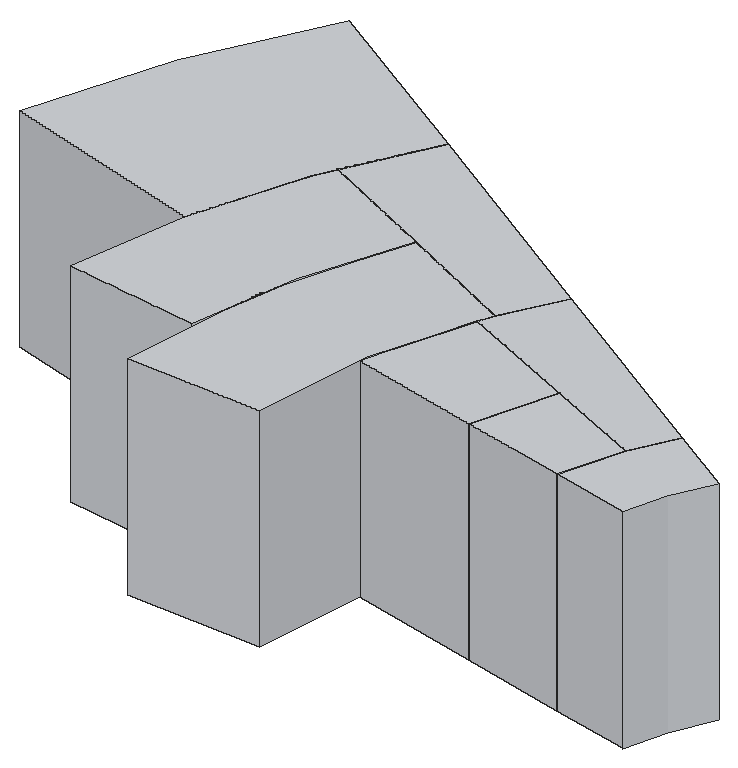
Revit family "Familia1", category Modelos genéricos, Revit 2016
Family settings
  Tipo de pieza = Normal
  Puede alojar armadura = No
  Cota de conector redondo = Diámetro de uso
  Se basa en plano de trabajo = No
  Siempre vertical = Sí
  Corte con vacíos al cargar = No
  Compartido = No
  Punto de cálculo de habitación = No
Parameters
  Radio NUCLEO COMUNICACIONES = 5.00 m
  Radio HALL [instance] = Radio NUCLEO COMUNICACIONES + Longitud HALL  # 6.50 m
  Radio COCINA [instance] = Radio NUCLEO COMUNICACIONES + Longitud HALL + Longitud BAÑO + Longitud COCINA  # 11.00 m
  Radio BAÑO [instance] = Radio NUCLEO COMUNICACIONES + Longitud HALL + Longitud BAÑO  # 8.50 m
  Longitud HALL = 1.50 m
  Longitud COCINA = 2.50 m
  Longitud BAÑO = 2.00 m
  Grados VIVIENDA = 30.00°
  Grados PATIO = 11.00°
  Grados PASILLO 1 = 8.00°
  Grados HALL = Grados VIVIENDA - Grados PATIO  # 19.00°
Reference planes (m)
  plane 1 "Centro (Frontal/Posterior)": y = 0
  plane 2: z = 0
  plane 3 "Centro (Izquierda/Derecha)": x = 0
  plane 4: y = 0
  plane 5: x = 0
Forms (m)
  Extrusion 1, solid
    sketch origin (0, 0, 0) x (1, 0, 0) y (0, 1, 0)
      loop
        line (-4.330127, 2.5) -> (-5.629165, 3.25)
        arc (-5.629165, 3.25) -> (-6.088369, 2.276348) -> (-6.380577, 1.240258) r 6.5
        line (-6.380577, 1.240258) -> (-4.908136, 0.954045)
        arc (-4.908136, 0.954045) -> (-4.683361, 1.751037) -> (-4.330127, 2.5) r 5
    from 0 to 4
  Extrusion 2, solid, not visible
    sketch origin (0, 0, 0) x (1, 0, 0) y (0, 1, 0)
      loop
        line (-4.330127, 2.5) -> (-5.629165, 3.25)
        arc (-5.629165, 3.25) -> (-6.088369, 2.276348) -> (-6.380577, 1.240258) r 6.5
        line (-6.380577, 1.240258) -> (-4.908136, 0.954045)
        arc (-4.908136, 0.954045) -> (-4.683361, 1.751037) -> (-4.330127, 2.5) r 5
    from 0 to 4
  Extrusion 3, solid
    sketch origin (0, 0, 0) x (1, 0, 0) y (0, 1, 0)
      loop
        arc (-9.526279, 5.5) -> (-9.886735, 4.822083) -> (-10.199022, 4.120673) r 11
        line (-10.199022, 4.120673) -> (-6.026695, 2.434943)
        arc (-6.026695, 2.434943) -> (-5.842161, 2.849412) -> (-5.629165, 3.25) r 6.5
        line (-5.629165, 3.25) -> (-9.526279, 5.5)
    from 0 to 4
  Extrusion 4, solid
    sketch origin (0, 0, 0) x (1, 0, 0) y (0, 1, 0)
      loop
        line (-6.026695, 2.434943) -> (-7.881063, 3.184156)
        arc (-7.881063, 3.184156) -> (-8.149968, 2.41413) -> (-8.343831, 1.621876) r 8.5
        line (-8.343831, 1.621876) -> (-6.380577, 1.240258)
        arc (-6.380577, 1.240258) -> (-6.232328, 1.8461) -> (-6.026695, 2.434943) r 6.5
    from 0 to 4
  Extrusion 5, solid
    sketch origin (0, 0, 0) x (1, 0, 0) y (0, 1, 0)
      loop
        arc (-10.199022, 4.120673) -> (-10.547017, 3.124169) -> (-10.797899, 2.098899) r 11
        line (-10.797899, 2.098899) -> (-8.343831, 1.621876)
        arc (-8.343831, 1.621876) -> (-8.149968, 2.41413) -> (-7.881063, 3.184156) r 8.5
        line (-7.881063, 3.184156) -> (-10.199022, 4.120673)
    from 0 to 4
  Extrusion 6, solid
    sketch origin (0, 0, 0) x (1, 0, 0) y (0, 1, 0)
      loop
        line (-9.526279, 5.5) -> (-13.856406, 8)
        arc (-13.856406, 8) -> (-14.282872, 7.211074) -> (-14.664464, 6.399492) r 16
        line (-14.664464, 6.399492) -> (-10.081819, 4.399651)
        arc (-10.081819, 4.399651) -> (-9.819474, 4.957613) -> (-9.526279, 5.5) r 11
    from 0 to 4
  Extrusion 7, solid
    sketch origin (0, 0, 0) x (1, 0, 0) y (0, 1, 0)
      loop
        line (-10.081819, 4.399651) -> (-12.373141, 5.399571)
        arc (-12.373141, 5.399571) -> (-13.215283, 2.757951) -> (-13.5, 0) r 13.5
        line (-13.5, 0) -> (-11, 0)
        arc (-11, 0) -> (-10.768008, 2.24722) -> (-10.081819, 4.399651) r 11
    from 0 to 4
  Extrusion 8, solid
    sketch origin (0, 0, 0) x (1, 0, 0) y (0, 1, 0)
      loop
        line (-13.856406, 8) -> (-17.320508, 10)
        arc (-17.320508, 10) -> (-18.543677, 7.492132) -> (-19.405915, 4.838438) r 20
        line (-19.405915, 4.838438) -> (-15.524732, 3.87075)
        arc (-15.524732, 3.87075) -> (-14.834942, 5.993705) -> (-13.856406, 8) r 16
    from 0 to 4
  Extrusion 9, solid
    sketch origin (0, 0, 0) x (1, 0, 0) y (0, 1, 0)
      loop
        line (-12.373141, 5.399571) -> (-14.664464, 6.399492)
        arc (-14.664464, 6.399492) -> (-15.470023, 4.083918) -> (-15.91235, 1.672455) r 16
        line (-15.91235, 1.672455) -> (-13.426046, 1.411134)
        arc (-13.426046, 1.411134) -> (-13.052832, 3.445806) -> (-12.373141, 5.399571) r 13.5
    from 0 to 4
Lines and regions (m)
  reference lines
    curve 1: circle (0, 0, 0) r 5 normal (0, 0, 1)
    curve 2: circle (0, 0, 0) r 6.5 normal (0, 0, 1)
    curve 3: circle (0, 0, 0) r 8.5 normal (0, 0, 1)
    curve 4: circle (0, 0, 0) r 11 normal (0, 0, 1)
    curve 5: line (0, 0, 0) -> (-102.190998, 59, 0)
    curve 6: line (0, 0, 0) -> (-102.917408, 41.581332, 0)
    curve 7: line (0, 0, 0) -> (-124.666652, 24.232742, 0)
    curve 9: circle (0, 0, 0) r 13.5 normal (0, 0, 1)
    curve 10: circle (0, 0, 0) r 16 normal (0, 0, 1)
    curve 11: circle (0, 0, 0) r 20 normal (0, 0, 1)
    curve 12: line (0, 0, 0) -> (-24.562977, 10.719149, 0)
    curve 13: line (0, 0, 0) -> (-35.027676, 8.73338, 0)
    curve 14: line (0, 0, 0) -> (-22.973456, 2.414608, 0)
  reference lines, not visible
    curve 8: line (0, 0, 0) -> (-124.666652, 24.232742, 0)
Dimensions and locks (m)
  "Radio NUCLEO COMUNICACIONES": radius of curve 1
  "Radio BAÑO": radius of curve 3
  "Radio COCINA": radius of curve 4
  "Radio HALL": radius of curve 2
  "Grados PASILLO 1": angle curve 5 to curve 6
  "Grados PATIO": angle curve 7 to plane 1 "Centro (Frontal/Posterior)"
  "Grados VIVIENDA": angle curve 5 to plane 1 "Centro (Frontal/Posterior)"
  "Grados HALL": angle Extrusion 1 to Extrusion 1
  aligned and locked: level to plane 2
Automatic sketch dimensions
  Extrusion 1 sketch curve to Extrusion 1 sketch curve = 0.00 m  (x4)
  Extrusion 1 sketch curve to Extrusion 1 sketch curve = 1.299038 m
  Extrusion 1 sketch curve to Extrusion 1 sketch curve = 0.75 m
  Extrusion 1 sketch curve to Extrusion 1 sketch curve = 0.578009 m
  Extrusion 1 sketch curve to Extrusion 1 sketch curve = 0.751412 m
  Extrusion 1 sketch curve to Extrusion 1 sketch curve = 4.330127 m
  Extrusion 1 sketch curve to Extrusion 1 sketch curve = 0.954045 m
  Extrusion 2 sketch curve to Extrusion 2 sketch curve = 0.00 m  (x4)
  Extrusion 2 sketch curve to Extrusion 2 sketch curve = 1.299038 m
  Extrusion 2 sketch curve to Extrusion 2 sketch curve = 0.75 m
  Extrusion 2 sketch curve to Extrusion 2 sketch curve = 0.578009 m
  Extrusion 2 sketch curve to Extrusion 2 sketch curve = 0.751412 m
  Extrusion 2 sketch curve to Extrusion 2 sketch curve = 4.330127 m
  Extrusion 2 sketch curve to Extrusion 2 sketch curve = 0.954045 m
  Extrusion 3 sketch curve to Extrusion 3 sketch curve = 0.00 m  (x2)
  plane 1 "Centro (Frontal/Posterior)" to Extrusion 3 sketch curve = 0.00 m
  Extrusion 3 sketch curve to plane 3 "Centro (Izquierda/Derecha)" = 0.00 m
  Extrusion 3 sketch curve to plane 1 "Centro (Frontal/Posterior)" = 2.434943 m
  Extrusion 3 sketch curve to plane 3 "Centro (Izquierda/Derecha)" = 6.026695 m
  Extrusion 3 sketch curve to plane 1 "Centro (Frontal/Posterior)" = 4.120673 m
  Extrusion 3 sketch curve to Extrusion 3 sketch curve = 4.172327 m
  Extrusion 3 sketch curve to Extrusion 3 sketch curve = 0.39753 m
  Extrusion 3 sketch curve to Extrusion 3 sketch curve = 0.672743 m
  Extrusion 4 sketch curve to Extrusion 4 sketch curve = 0.00 m  (x2)
  plane 1 "Centro (Frontal/Posterior)" to Extrusion 4 sketch curve = 0.00 m
  Extrusion 4 sketch curve to plane 3 "Centro (Izquierda/Derecha)" = 0.00 m
  Extrusion 4 sketch curve to plane 1 "Centro (Frontal/Posterior)" = 2.434943 m
  Extrusion 4 sketch curve to plane 1 "Centro (Frontal/Posterior)" = 3.184156 m
  Extrusion 4 sketch curve to Extrusion 4 sketch curve = 1.854368 m
  Extrusion 4 sketch curve to plane 1 "Centro (Frontal/Posterior)" = 1.240258 m
  Extrusion 4 sketch curve to Extrusion 4 sketch curve = 0.353882 m
  Extrusion 4 sketch curve to plane 1 "Centro (Frontal/Posterior)" = 1.621876 m
  Extrusion 5 sketch curve to Extrusion 5 sketch curve = 0.00 m  (x2)
  plane 1 "Centro (Frontal/Posterior)" to Extrusion 5 sketch curve = 0.00 m
  Extrusion 5 sketch curve to plane 3 "Centro (Izquierda/Derecha)" = 0.00 m
  Extrusion 5 sketch curve to plane 1 "Centro (Frontal/Posterior)" = 3.184156 m
  Extrusion 5 sketch curve to Extrusion 5 sketch curve = 2.31796 m
  Extrusion 5 sketch curve to plane 1 "Centro (Frontal/Posterior)" = 1.621876 m
  Extrusion 5 sketch curve to Extrusion 5 sketch curve = 0.462768 m
  Extrusion 5 sketch curve to plane 1 "Centro (Frontal/Posterior)" = 2.098899 m
  Extrusion 5 sketch curve to Extrusion 5 sketch curve = 0.598877 m
  Extrusion 6 sketch curve to Extrusion 6 sketch curve = 0.00 m  (x2)
  plane 1 "Centro (Frontal/Posterior)" to Extrusion 6 sketch curve = 0.00 m
  Extrusion 6 sketch curve to plane 3 "Centro (Izquierda/Derecha)" = 0.00 m
  Extrusion 6 sketch curve to Extrusion 6 sketch curve = 4.330127 m
  Extrusion 6 sketch curve to plane 1 "Centro (Frontal/Posterior)" = 5.50 m
  Extrusion 6 sketch curve to Extrusion 6 sketch curve = 2.50 m
  Extrusion 6 sketch curve to plane 1 "Centro (Frontal/Posterior)" = 4.399651 m
  Extrusion 6 sketch curve to Extrusion 6 sketch curve = 0.55554 m
  Extrusion 6 sketch curve to Extrusion 6 sketch curve = 0.808057 m
  Extrusion 7 sketch curve to Extrusion 7 sketch curve = 0.00 m
  plane 1 "Centro (Frontal/Posterior)" to Extrusion 7 sketch curve = 0.00 m
  Extrusion 7 sketch curve to plane 3 "Centro (Izquierda/Derecha)" = 0.00 m
  Extrusion 7 sketch curve to plane 1 "Centro (Frontal/Posterior)" = 4.399651 m
  Extrusion 7 sketch curve to plane 3 "Centro (Izquierda/Derecha)" = 10.081819 m
  Extrusion 7 sketch curve to plane 1 "Centro (Frontal/Posterior)" = 5.399571 m
  Extrusion 7 sketch curve to Extrusion 7 sketch curve = 2.291322 m
  curve 1 to curve 2 = 0.00 m
  curve 1 to curve 3 = 0.00 m  (x2)
  curve 1 to curve 9 = 0.00 m
  curve 2 to curve 9 = 0.00 m  (x2)
  curve 2 to curve 11 = 0.00 m
  curve 3 to curve 10 = 0.00 m  (x2)
  curve 4 to curve 9 = 0.00 m
  curve 4 to curve 11 = 0.00 m  (x2)
  plane 1 "Centro (Frontal/Posterior)" to curve 6 = 0.00 m
  plane 1 "Centro (Frontal/Posterior)" to curve 2 = 0.00 m
  curve 2 to plane 3 "Centro (Izquierda/Derecha)" = 0.00 m
  curve 14 to plane 3 "Centro (Izquierda/Derecha)" = 0.00 m
  curve 13 to plane 1 "Centro (Frontal/Posterior)" = 8.73338 m
  curve 13 to plane 3 "Centro (Izquierda/Derecha)" = 35.027676 m
  curve 12 to plane 1 "Centro (Frontal/Posterior)" = 10.719149 m
  curve 13 to curve 12 = 10.464699 m
  curve 14 to plane 1 "Centro (Frontal/Posterior)" = 2.414608 m
  curve 12 to curve 14 = 1.589521 m
  Extrusion 8 sketch curve to Extrusion 8 sketch curve = 0.00 m  (x2)
  plane 1 "Centro (Frontal/Posterior)" to Extrusion 8 sketch curve = 0.00 m
  Extrusion 8 sketch curve to plane 3 "Centro (Izquierda/Derecha)" = 0.00 m
  Extrusion 8 sketch curve to Extrusion 8 sketch curve = 3.464102 m
  Extrusion 8 sketch curve to plane 1 "Centro (Frontal/Posterior)" = 8.00 m
  Extrusion 8 sketch curve to Extrusion 8 sketch curve = 2.00 m
  Extrusion 8 sketch curve to plane 1 "Centro (Frontal/Posterior)" = 3.87075 m
  Extrusion 8 sketch curve to Extrusion 8 sketch curve = 1.668325 m
  Extrusion 8 sketch curve to Extrusion 8 sketch curve = 3.881183 m
  Extrusion 9 sketch curve to Extrusion 9 sketch curve = 0.00 m  (x2)
  plane 1 "Centro (Frontal/Posterior)" to Extrusion 9 sketch curve = 0.00 m
  Extrusion 9 sketch curve to plane 3 "Centro (Izquierda/Derecha)" = 0.00 m
  Extrusion 9 sketch curve to plane 1 "Centro (Frontal/Posterior)" = 5.399571 m
  Extrusion 9 sketch curve to plane 1 "Centro (Frontal/Posterior)" = 6.399492 m
  Extrusion 9 sketch curve to Extrusion 9 sketch curve = 2.291322 m
  Extrusion 9 sketch curve to plane 1 "Centro (Frontal/Posterior)" = 1.411134 m
  Extrusion 9 sketch curve to Extrusion 9 sketch curve = 1.052904 m
  Extrusion 9 sketch curve to plane 1 "Centro (Frontal/Posterior)" = 1.672455 m
  radius of curve 9 = 13.50 m
  radius of curve 10 = 16.00 m
  radius of curve 11 = 20.00 m
